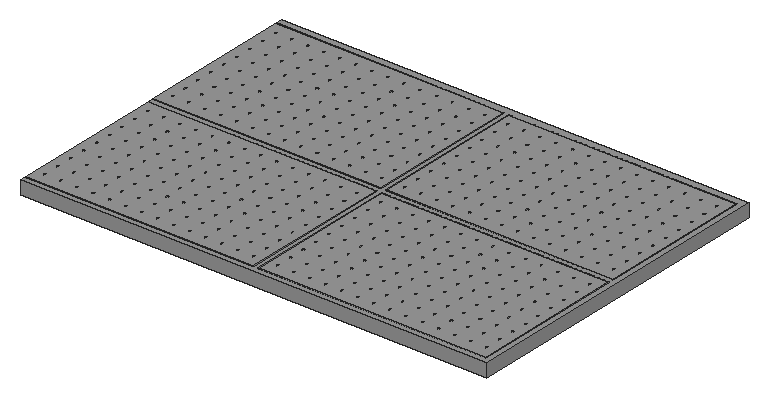
Revit family "砼护底 - 四块", category 常规模型, Revit 2019
Family settings
  可将钢筋附着到主体 = 是
  圆形连接件大小 = 使用直径
  零件类型 = 标准
  基于工作平面 = 否
  总是垂直 = 是
  加载时剪切的空心 = 是
  共享 = 否
  房间计算点 = 否
Parameters
  边缘格梗高度 = 800 mm
  边缘格梗宽度 [instance] = 400 mm
  砼护底材料 = 素混凝土 C25
  沙石垫层材料 = 沙石垫层
  沙石垫层厚 = 80 mm
  格梗材料 = 素混凝土 C25
  排水孔行数 [instance] = rounddown(单块护底纵向长度 / 排水孔行间距)  # 9
  排水孔列间距 = 1000 mm
  排水孔行间距 = 1000 mm
  排水孔半径 = 50 mm
  排水孔列数 [instance] = rounddown(单块护底水平长度 / 排水孔列间距)  # 14
  护底厚 = 200 mm
  总长度 [instance] = 29000 mm
  总宽度 [instance] = 20300 mm
  型号 = "BOTTOM_PROTECTION"  # constant formula
  单块护底纵向长度 [instance] = (总宽度 - 中心格梗宽度 - 2 * 边缘格梗宽度) / 2  # 9600 mm
  单块护底水平长度 [instance] = (总长度 - 中心格梗宽度 - 边缘格梗宽度) / 2  # 14150 mm
  中心格梗高度 = 500 mm
  中心格梗宽度 [instance] = 300 mm
  y [instance] = (单块护底纵向长度 - (排水孔行数 - 1) * 排水孔行间距) / 2  # 800 mm
  x [instance] = (单块护底水平长度 - (排水孔列数 - 1) * 排水孔列间距) / 2  # 575 mm
Reference planes
  plane 1 "中心(前/后)": y = 0
  plane 2: z = 0
  plane 3 "中心(左/右)": x = 0
  plane 4: y = 10150
  plane 5: y = -10150
  plane 6: y = -9750
  plane 7: y = 9750
  plane 8: x = 14150
  plane 9: x = 14450
  plane 10: x = 28600
  plane 11: x = 29000
  plane 12: y = 150
  plane 13: y = -150
  plane 14: z = -200
  plane 15: z = -280
  plane 16: z = -500
  plane 17: z = -800
  plane 18: y = 950
  plane 19: x = 575
  plane 20: x = 15025
  plane 21: y = -8950
Forms (mm)
  Extrusion 1, solid, material "素混凝土 C25" <- "砼护底材料"
    sketch origin (0, 0, 0) x (1, 0, 0) y (0, 1, 0)
      loop
        line (0, 9750) -> (0, 150) -> (14150, 150) -> (14150, 9750) -> (0, 9750)
      loop
        line (14450, 9750) -> (14450, 150) -> (28600, 150) -> (28600, 9750) -> (14450, 9750)
      loop
        line (0, -150) -> (0, -9750) -> (14150, -9750) -> (14150, -150) -> (0, -150)
      loop
        line (14450, -150) -> (14450, -9750) -> (28600, -9750) -> (28600, -150) -> (14450, -150)
    from 0 to -200
  Extrusion 2, solid, material "沙石垫层" <- "沙石垫层材料"
    sketch origin (0, 0, 0) x (1, 0, 0) y (0, 1, 0)
      loop
        line (0, 9750) -> (0, 150) -> (14150, 150) -> (14150, 9750) -> (0, 9750)
      loop
        line (14450, 9750) -> (14450, 150) -> (28600, 150) -> (28600, 9750) -> (14450, 9750)
      loop
        line (0, -150) -> (0, -9750) -> (14150, -9750) -> (14150, -150) -> (0, -150)
      loop
        line (14450, -150) -> (14450, -9750) -> (28600, -9750) -> (28600, -150) -> (14450, -150)
    from -200 to -280
  Extrusion 3, solid, material "素混凝土 C25" <- "格梗材料"
    sketch origin (0, 0, 0) x (1, 0, 0) y (0, 1, 0)
      loop
        line (0, 10150) -> (0, 9750) -> (14150, 9750) -> (14150, -9750) -> (0, -9750) -> (0, -10150) -> (29000, -10150) -> (29000, 10150) -> (0, 10150)
      loop
        line (14450, 9750) -> (14450, -9750) -> (28600, -9750) -> (28600, 9750) -> (14450, 9750)
    from 0 to -800
  Extrusion 4, solid, material "素混凝土 C25" <- "格梗材料"
    sketch origin (0, 0, 0) x (1, 0, 0) y (0, 1, 0)
      loop
        line (0, 150) -> (0, -150) -> (14150, -150) -> (14150, 150) -> (0, 150)
      loop
        line (28600, 150) -> (14450, 150) -> (14450, -150) -> (28600, -150) -> (28600, 150)
    from 0 to -500
Cuts and joins
  joined: Extrusion 3, Extrusion 4
Dimensions and locks
  equal spacing: plane 12, plane 1 "中心(前/后)", plane 13
  "边缘格梗宽度": plane 4 to plane 7
  "边缘格梗宽度": plane 5 to plane 6
  "中心格梗宽度": plane 12 to plane 13
  "中心格梗宽度": plane 8 to plane 9
  "边缘格梗宽度": plane 10 to plane 11
  "单块护底水平长度": plane 3 "中心(左/右)" to plane 8
  "单块护底水平长度": plane 9 to plane 10
  "单块护底纵向长度": plane 7 to plane 12
  "护底厚": level to plane 14
  "沙石垫层厚": plane 14 to plane 15
  "中心格梗高度": level to plane 16
  "边缘格梗高度": level to plane 17
  "x": plane 3 "中心(左/右)" to plane 19
  "x": plane 9 to plane 20
  "y": plane 18 to plane 12
  "单块护底纵向长度": plane 13 to plane 6
  "y": plane 21 to plane 6
  aligned and locked: level to plane 2
  aligned and locked: Extrusion 1 sketch curve to plane 7
  aligned and locked: plane 7 to Extrusion 1 sketch curve
  aligned and locked: Extrusion 1 sketch curve to plane 8
  aligned and locked: Extrusion 1 sketch curve to plane 9  (x2)
  aligned and locked: plane 3 "中心(左/右)" to Extrusion 1 sketch curve
  aligned and locked: Extrusion 1 sketch curve to plane 3 "中心(左/右)"
  aligned and locked: Extrusion 1 sketch curve to plane 12
  aligned and locked: plane 12 to Extrusion 1 sketch curve
  aligned and locked: plane 13 to Extrusion 1 sketch curve  (x2)
  aligned and locked: plane 8 to Extrusion 1 sketch curve
  aligned and locked: plane 6 to Extrusion 1 sketch curve  (x2)
  aligned and locked: plane 10 to Extrusion 1 sketch curve  (x2)
  aligned and locked: Extrusion 1 to plane 14
  aligned and locked: Extrusion 1 to level
  aligned and locked: Extrusion 2 sketch curve to plane 12  (x2)
  aligned and locked: plane 13 to Extrusion 2 sketch curve
  aligned and locked: Extrusion 2 sketch curve to plane 3 "中心(左/右)"  (x2)
  aligned and locked: plane 8 to Extrusion 2 sketch curve  (x2)
  aligned and locked: plane 6 to Extrusion 2 sketch curve
  aligned and locked: plane 7 to Extrusion 2 sketch curve  (x2)
  aligned and locked: Extrusion 2 sketch curve to plane 9
  aligned and locked: plane 10 to Extrusion 2 sketch curve
  aligned and locked: Extrusion 2 sketch curve to plane 13
  aligned and locked: plane 9 to Extrusion 2 sketch curve
  aligned and locked: Extrusion 2 sketch curve to plane 6
  aligned and locked: Extrusion 2 sketch curve to plane 10
  aligned and locked: Extrusion 2 to plane 15
  aligned and locked: Extrusion 3 sketch curve to plane 4
  aligned and locked: Extrusion 3 sketch curve to plane 7
  aligned and locked: plane 7 to Extrusion 3 sketch curve
  aligned and locked: plane 3 "中心(左/右)" to Extrusion 3 sketch curve
  aligned and locked: plane 8 to Extrusion 3 sketch curve
  aligned and locked: plane 9 to Extrusion 3 sketch curve
  aligned and locked: plane 6 to Extrusion 3 sketch curve
  aligned and locked: Extrusion 3 sketch curve to plane 6
  aligned and locked: plane 5 to Extrusion 3 sketch curve
  aligned and locked: Extrusion 3 sketch curve to plane 10
  aligned and locked: Extrusion 3 sketch curve to plane 11
  aligned and locked: level to Extrusion 3
  aligned and locked: Extrusion 3 to plane 17
  aligned and locked: plane 14 to Extrusion 2
  aligned and locked: Extrusion 4 sketch curve to plane 12
  aligned and locked: Extrusion 4 sketch curve to plane 10
  aligned and locked: plane 13 to Extrusion 4 sketch curve
  aligned and locked: plane 9 to Extrusion 4 sketch curve
  aligned and locked: plane 12 to Extrusion 4 sketch curve
  aligned and locked: Extrusion 4 sketch curve to plane 13
  aligned and locked: plane 8 to Extrusion 4 sketch curve
  aligned and locked: Extrusion 4 sketch curve to plane 3 "中心(左/右)"
  aligned and locked: level to Extrusion 4
  aligned and locked: Extrusion 4 to plane 16
  aligned and locked: nested 1 to plane 19
  aligned and locked: nested 1 to plane 18
  aligned and locked: nested 3 to plane 19
  aligned and locked: plane 21 to nested 3
  aligned and locked: nested 2 to plane 20
  aligned and locked: nested 2 to plane 18
  aligned and locked: nested 4 to plane 20
  aligned and locked: plane 21 to nested 4
Automatic sketch dimensions
  Extrusion 3 sketch curve to plane 3 "中心(左/右)" = 0 mm
Nested families
  nested 1: "排水孔_阵列" at (575, 950, 0), 孔半径 <- "排水孔半径", 行间距 <- "排水孔行间距", 列间距 <- "排水孔列间距", 行数 <- "排水孔行数", 列数 <- "排水孔列数", type "排水孔_阵列"
    with 行间距 1000 mm, 行数 9, 孔半径 50 mm, 列间距 1000 mm, 列数 14
  nested 2: "排水孔_阵列" at (15025, 950, 0), 孔半径 <- "排水孔半径", 行间距 <- "排水孔行间距", 列间距 <- "排水孔列间距", 行数 <- "排水孔行数", 列数 <- "排水孔列数", type "排水孔_阵列"
    with 行间距 1000 mm, 行数 9, 孔半径 50 mm, 列间距 1000 mm, 列数 14
  nested 3: "排水孔_阵列" at (575, -8950, 0), 孔半径 <- "排水孔半径", 行间距 <- "排水孔行间距", 列间距 <- "排水孔列间距", 行数 <- "排水孔行数", 列数 <- "排水孔列数", type "排水孔_阵列"
    with 行间距 1000 mm, 行数 9, 孔半径 50 mm, 列间距 1000 mm, 列数 14
  nested 4: "排水孔_阵列" at (15025, -8950, 0), 孔半径 <- "排水孔半径", 行间距 <- "排水孔行间距", 列间距 <- "排水孔列间距", 行数 <- "排水孔行数", 列数 <- "排水孔列数", type "排水孔_阵列"
    with 行间距 1000 mm, 行数 9, 孔半径 50 mm, 列间距 1000 mm, 列数 14
Definition of nested family "排水孔_阵列"
  Parameters (values of type "排水孔_阵列")
    Default Elevation = 1219.2 mm
    行间距 [instance] = 600 mm
    孔半径 [instance] = 50 mm
    列数 [instance] = 4
    列间距 [instance] = 700 mm
    行数 [instance] = 7
  Reference planes
    plane 1 "中心(前/后)": y = 0
    plane 2: z = 0
    plane 3 "中心(左/右)": x = 0
    plane 4: y = 600
    plane 5: x = 700
  Forms (mm)
    Extrusion 1, solid
      sketch origin (0, 0, 0) x (1, 0, 0) y (0, 1, 0)
        loop
          line (-1219.2, 30000) -> (-1219.2, -1219.2) -> (34087.079, -1219.2) -> (34087.079, 30000) -> (-1219.2, 30000)
      from 0 to -304.8
  Dimensions and locks
    "行间距": plane 4 to plane 1 "中心(前/后)"
    "列间距": plane 3 "中心(左/右)" to plane 5
    equal spacing: group 1, group 2, group 3, group 4  (x3)
    aligned and locked: Extrusion 1 to plane 2
    aligned and locked: Extrusion 1 to level
    aligned and locked: plane 3 "中心(左/右)" to nested 1
    aligned and locked: plane 1 "中心(前/后)" to nested 1
    aligned and locked: plane 1 "中心(前/后)" to nested 2
    aligned and locked: plane 5 to nested 2
  Automatic sketch dimensions
    Extrusion 1 sketch curve to Extrusion 1 sketch curve = 35306.279 mm
    Extrusion 1 sketch curve to Extrusion 1 sketch curve = 31219.2 mm
  Nested families
    nested 1: "排水孔_列" at (0, 0, 0), 孔半径 <- "孔半径", 行间距 <- "行间距", 行数 <- "行数", type "排水孔_列"
      with 行间距 600 mm, 行数 7, 孔半径 50 mm
    nested 2: "排水孔_列" at (700, 0, 0), 孔半径 <- "孔半径", 行间距 <- "行间距", 行数 <- "行数", type "排水孔_列"
      with 行间距 600 mm, 行数 7, 孔半径 50 mm
    nested 3: "排水孔_列" at (1400, 0, 0), 孔半径 <- "孔半径", 行间距 <- "行间距", 行数 <- "行数", type "排水孔_列"
      with 行间距 600 mm, 行数 7, 孔半径 50 mm
    nested 4: "排水孔_列" at (2100, 0, 0), 孔半径 <- "孔半径", 行间距 <- "行间距", 行数 <- "行数", type "排水孔_列"
      with 行间距 600 mm, 行数 7, 孔半径 50 mm
  Definition of nested family "排水孔_列"
    Parameters (values of type "排水孔_列")
      Default Elevation = 1219.2 mm
      行间距 [instance] = 700 mm
      孔半径 [instance] = 50 mm
      行数 [instance] = 4
    Reference planes
      plane 1 "中心(前/后)": y = 0
      plane 2: z = 0
      plane 3 "中心(左/右)": x = 0
      plane 4: y = 700
    Forms (mm)
      Extrusion 1, solid
        sketch origin (0, 0, 0) x (1, 0, 0) y (0, 1, 0)
          loop
            line (-1219.2, 30000) -> (-1219.2, -1219.2) -> (34087.079, -1219.2) -> (34087.079, 30000) -> (-1219.2, 30000)
        from 0 to -304.8
    Dimensions and locks
      "行间距": plane 4 to plane 1 "中心(前/后)"
      equal spacing: group 1, group 2, group 3, group 4  (x3)
      aligned and locked: Extrusion 1 to plane 2
      aligned and locked: Extrusion 1 to level
      aligned and locked: plane 3 "中心(左/右)" to nested 1
      aligned and locked: plane 1 "中心(前/后)" to nested 1
      aligned and locked: nested 2 to plane 4
    Automatic sketch dimensions
      Extrusion 1 sketch curve to Extrusion 1 sketch curve = 35306.279 mm
      Extrusion 1 sketch curve to Extrusion 1 sketch curve = 31219.2 mm
    Nested families
      nested 1: "单_排水孔" at (0, 0, 0), type "单_排水孔"
        with 孔半径 50 mm
      nested 2: "单_排水孔" at (0, 700, 0), type "单_排水孔"
        with 孔半径 50 mm
      nested 3: "单_排水孔" at (0, 1400, 0), type "单_排水孔"
        with 孔半径 50 mm
      nested 4: "单_排水孔" at (0, 2100, 0), type "单_排水孔"
        with 孔半径 50 mm
    Definition of nested family "单_排水孔"
      Parameters (values of type "单_排水孔")
        Default Elevation = 1219.2 mm
        孔半径 [instance] = 50 mm
      Reference planes
        plane 1 "中心(前/后)": y = 0
        plane 2: z = 0
        plane 3 "中心(左/右)": x = 0
      Forms (mm)
        Extrusion 1, solid
          sketch origin (0, 0, 0) x (1, 0, 0) y (0, 1, 0)
            loop
              line (-1219.2, 1219.2) -> (-1219.2, -1219.2) -> (1219.2, -1219.2) -> (1219.2, 1219.2) -> (-1219.2, 1219.2)
          from 0 to -304.8
        Extrusion 2, void
          sketch origin (0, 0, 0) x (1, 0, 0) y (0, 1, 0)
            loop
              circle (0, 0) r 50
          from -9999 to 9999
      Dimensions and locks
        "孔半径": radius of Extrusion 2 sketch curve
        aligned and locked: plane 2 to Extrusion 1
        aligned and locked: level to Extrusion 1
      Automatic sketch dimensions
        Extrusion 1 sketch curve to Extrusion 1 sketch curve = 2438.4 mm  (x2)
        plane 1 "中心(前/后)" to Extrusion 2 sketch curve = 0 mm
        Extrusion 2 sketch curve to plane 3 "中心(左/右)" = 0 mm
